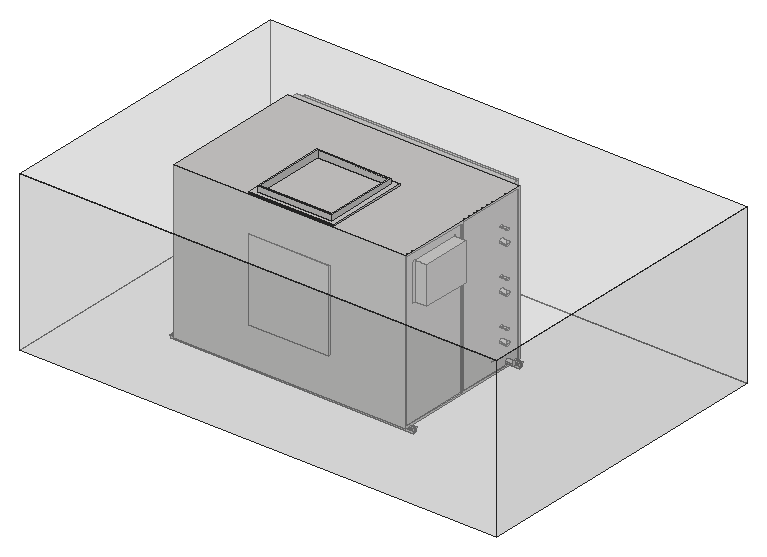
Revit family "outputfile", category 機械設備, Revit 2024
Family settings
  丸型コネクタ寸法 = 半径を使用
  パーツ タイプ = 標準
  OmniClass 番号 = 23.75.10.24.21.27.27
  OmniClass タイトル = Split System Air Conditioning Units
  作業面ベース = いいえ
  常に垂直 = はい
  ロード時にボイドで切り取り = いいえ
  注釈の向きを維持 = いいえ
  共有 = いいえ
  部屋計算ポイント = はい
Parameters (values of type "3FGN450HTL")
  Description = ""
  書き出し IFC クラス(タイプ) = "IfcUnitaryEquipmentType"
  定義済み IFC タイプ(タイプ) = "AIRCONDITIONINGUNIT"
  Cost = 0
  Type Comments = ""
  Keynote = ""
  Type Image = (empty or 0)
  Assembly Code = ""
  switch_frequency = yes
  lw_power = 1150 mm
  lw_frontpanel = 754 mm
  lw_box_front = lw_box + 18 mm  # 115 mm
  lw_box = 97 mm
  lw_RA = 1057 mm
  lh_liquidpipe_3 = 390 mm
  lh_liquidpipe_2 = 810 mm
  lh_height_SA = 698 mm
  lh_ld_mountinghole_height = 35 mm
  lh_height_RA = 1326 mm
  lh_hangerfixture = 35 mm
  lh_gaspipe_3 = 270 mm
  lh_gaspipe_2 = 690 mm
  lh_frontpanel_bottom = if(Width = 1766 mm, 444 mm, if(Width = 2022 mm, 479 mm, 402 mm))  # 402 mm
  lh_frontpanel = if(Width = 1766 mm, 542 mm, if(Width = 2022 mm, 542 mm, 758 mm))  # 758 mm
  lh_circlevoid = 135.5 mm
  lh_box_top = 95 mm
  lh_box = 351 mm
  lh_SA = 1546 mm
  lh_RA = 788 mm
  ld_void = 658 mm
  ld_frontpanel = 10 mm
  ld_depth_SA = 409 mm
  ld_depth_RA = 130 mm
  ld_circlevoid = 294.5 mm
  ld_box_left = 114 mm
  ld_box = 490 mm
  connector_voltage = Voltage_60Hz  # 220 V
  connector_powerinput = [Power Input (Cooling)]  # 47.570 kW
  connector_phase = Phase_60Hz  # 3
  製造元 = "Daikin"
  モデル = "3FGN450HTL"
  w_pipe = 33 mm
  r_Liquid Pipe Size = Liquid Pipe Size / 2  # 7.95 mm
  r_Gas Pipe Size = Gas Pipe Size / 2  # 17.45 mm
  r_Drain Pipe Size = Drain Pipe Size / 2  # 17.0 mm
  lw_powersupply = lw_power  # 1150 mm
  lw_width_RA = 2004 mm
  lw_width_SA = 694 mm
  lh_suctionflange [instance] = 100 mm
  ld_suctionflange [instance] = 190 mm
  ld_powersupply = 200 mm
  angle_vertical_RA [instance] = 90.00°
  angle horizontal_RA [instance] = 180.00°
  Voltage_comment_60Hz = "220"
  Voltage_60Hz = 220 V
  URL = ""
  Sound Power Level_H speed (dB) = 0
  Phase_60Hz = 3
  Minimum External Static Pressure = 0.00 Pa
  Minimum Circuit Amps_60Hz = 0.0 A
  Maximum Fuse Amps_60Hz = 0.0 A
  Maximum External Static Pressure = 250.00 Pa
  Material_Casing = DAIKIN_GalvanizedSteel_Casing_indoorunit
  lw_liquidpipe = 1137 mm
  lw_gaspipe = 1137 mm
  lw_mountinghole_pitch = 2234 mm
  lw_mountinghole = 2274 mm
  lw_drainpipe = 1137 mm
  lh_powersupply = 1040 mm
  lh_liquidpipe = 1230 mm
  lh_gaspipe = 1110 mm
  lh_mountinghole = 5 mm
  lh_drainpipe = 73 mm
  lh_antena = Height - 4 mm  # 1482 mm
  ld_liquidpipe = 470 mm
  ld_gaspipe = 470 mm
  ld_mountinghole_pitch = 1240 mm
  ld_drainpipe = 539 mm
  ld_controlbox = 626 mm
  h*** = 0 mm  # constant formula
  d_dischargeflange = 60 mm
  Width = 2174 mm
  Version = "ver.1.0"
  Unit Type = "Duct"
  Unit Mass Weight = 533.00 kg
  Unit Designation [instance] = ""
  Uniclass2015Version = "Products v1.30"
  Uniclass2015Title = "Split coil room air conditioning units"
  Uniclass2015Code = "Pr_70_65_03_86"
  Total Cooling Capacity [instance] = 0.000 kW
  Sound Pressure Level_M speed (dBA) = 0
  Sound Pressure Level_L speed (dBA) = 0
  Sound Pressure Level_H speed (dBA) = 68
  Series = "Package Aircon_Fan Coil Unit"
  Sensible Cooling Capacity [instance] = 0.000 kW
  SA Duct Size Width = 694 mm
  SA Duct Size Height = 698 mm
  Refrigerant Type = "R410A"
  RA Duct Size Width = 2004 mm
  RA Duct Size Height = 1326 mm
  Power Input (Cooling) = 47.570 kW
  Option Accessory 3 [instance] = ""
  Option Accessory 2 [instance] = ""
  Option Accessory 1 [instance] = ""
  Nominal Cooling Capacity = 131.887 kW
  Minimum Airflow = 0.00 m³/h
  Median Airflow = 0.00 m³/h
  Maximum Airflow = 22937.00 m³/h
  Load Classification = HVAC
  Liquid Pipe Size = 15.9 mm
  Link_Nested Family [instance] = ""
  IfcVersion = ""
  IfcExportType = "AIRCONDITIONINGUNIT"
  IfcExportAs = "IfcUnitaryEquipmentType"
  Height = 1486 mm
  Heat Exchanger Type = "Cross Fin Coil"
  Gas Pipe Size = 34.9 mm
  Frequency_60Hz = 60 Hz
  Fan Type = "Sirocco Fan"
  Fan Drive = "-"
  FCU Tag No. [instance] = ""
  Drain Pipe Size = 34.0 mm
  Design Supply Airflow [instance] = 0.00 m³/h
  Design Return Airflow [instance] = 0.00 m³/h
  Design External Static Pressure [instance] = 0.00 Pa
  Depth = 1336 mm
  既定の高さ = 0 mm
  Cooling Entering Wet Bulb Temperature [instance] = 0.00 °C
  Cooling Entering Dry Bulb Temperature [instance] = 0.00 °C
  Cooling Ambient Wet Bulb Temperature [instance] = 0.00 °C
  Cooling Ambient Dry Bulb Temperature [instance] = 0.00 °C
  Clearance visibility [instance] = yes
  Clearance Top = 0 mm
  Clearance Right = 1500 mm
  Clearance Rear = 800 mm
  Clearance Left = 800 mm
  Clearance Front = 800 mm
  Clearance Bottom = 0 mm
Reference planes
  plane 1 "Center (Front/Back)": y = 0
  plane 2: z = 0
  plane 3 "Center (Left/Right)": x = 0
  plane 4 "Back": y = 668
  plane 5 "Front": y = -668
  plane 6 "Left": x = -1087
  plane 7 "Right": x = 1087
  plane 8 "Top": z = 0
  plane 9 "Bottom": z = -1486
  plane 10: z = -256
  plane 11: z = -376
  plane 12: x = -1117
  plane 13: x = 1117
  plane 14: x = 1137
  plane 15: x = 1137
  plane 16: z = -1481
  plane 17 "Clearance Left": x = -1887
  plane 18 "Clearance Right": x = 2587
  plane 19 "Clearance Rear": y = 1468
  plane 20 "Clearance Front": y = -1468
  plane 21 "Clearance Bottom": z = -1486
  plane 22: z = -1413
  plane 23 "ld_gas": y = 470
  plane 24: y = 470
  plane 25: y = -30
  plane 26: y = 539
  plane 27: y = 478
  plane 28: x = 1137
  plane 29: y = 620
  plane 30: y = -620
  plane 31: y = -259
  plane 32: y = 798
  plane 33 "Clearance Top": z = 0
  plane 34: z = -446
  plane 35: y = -200
  plane 36 "hangerfixture": z = -1451
  plane 37 "lh_SA": z = 60
  plane 38 "lh_RA": z = -698
  plane 39 "RA_center": x = -30
  plane 40: y = -658
  plane 41: y = 0
  plane 42: y = 658
  plane 43: z = -10
  plane 44: z = -1441
  plane 45: y = 10
  plane 46: y = -658
  plane 47: y = 0
  plane 48: y = 658
  plane 49: z = -10
  plane 50: z = -1441
  plane 51: y = 10
  plane 52: x = 1069
  plane 53: x = 1184
  plane 54: y = -554
  plane 55: y = -534
  plane 56: y = -84
  plane 57: y = -64
  plane 58 "box_bottom": z = -446
  plane 59 "box_top": z = -95
  plane 60: x = -377
  plane 61: x = 377
  plane 62: y = -678
  plane 63: y = -658
  plane 64 "lw_power": x = 1150
  plane 65: z = -676
  plane 66: z = -796
  plane 67: z = -1096
  plane 68: z = -1216
  plane 69: x = 1067
  plane 70: x = -1067
  plane 71: z = -1084
  plane 72: z = -326
Forms (mm)
  Extrusion 1, solid, material "DAIKIN_GalvanizedSteel_Casing_indoorunit" <- "Material_Casing"
    sketch origin (0, -0.8, 0) x (1, 0, 0) y (0, 1, 0)
      loop
        line (-1087, -667.2) -> (1087, -667.2) -> (1087, 668.8) -> (-1087, 668.8) -> (-1087, -667.2)
    from -1451 to 0
  Revolve 2, solid, material "DAIKIN_GalvanizedSteel_Casing_indoorunit" <- "Material_Casing"
    sketch origin (0, 0, -376) x (0, -1, 0) y (1, 0, 0)
      loop
        line (-452.55, 1067) -> (-452.55, 1137) -> (-470, 1137) -> (-470, 1067) -> (-452.55, 1067)
      axis (-470, 1067) -> (-470, 1137)
    angle from 0 to 360
  Revolve 3, solid, material "DAIKIN_GalvanizedSteel_Casing_indoorunit" <- "Material_Casing"
    sketch origin (0, 0, -256) x (0, -1, 0) y (1, 0, 0)
      loop
        line (-470, 1067) -> (-470, 1137) -> (-477.95, 1137) -> (-477.95, 1067) -> (-470, 1067)
      axis (-470, 1137) -> (-470, 1067)
    angle from 0 to 360
  Extrusion 4, solid, material "DAIKIN_GalvanizedSteel_Casing_indoorunit" <- "Material_Casing"
    sketch origin (0, 0, 0) x (0, 1, 0) y (0, 0, 1)
      loop
        circle (539, -1413) r 17
    from 1137 to 1067
  Extrusion 5, void
    sketch origin (1087, 0, 0) x (0, 1, 0) y (0, 0, 1)
      loop
        line (-658, -10) -> (-658, -1441) -> (0, -1441) -> (0, -10) -> (-658, -10)
      loop
        line (658, -10) -> (10, -10) -> (10, -1441) -> (658, -1441) -> (658, -10)
    from 0 to -20
  Extrusion 6, void
    sketch origin (-1087, 0, 0) x (0, 1, 0) y (0, 0, 1)
      loop
        line (-658, -10) -> (-658, -1441) -> (0, -1441) -> (0, -10) -> (-658, -10)
      loop
        line (658, -10) -> (10, -10) -> (10, -1441) -> (658, -1441) -> (658, -10)
    from 0 to 20
  Extrusion 7, solid, material "DAIKIN_GalvanizedSteel_Casing_indoorunit" <- "Material_Casing"
    sketch origin (0, 0, 0) x (1, 0, 0) y (0, 1, 0)
      loop
        line (1067, -554) -> (1069, -554) -> (1069, -534) -> (1184, -534) -> (1184, -84) -> (1069, -84) -> (1069, -64) -> (1067, -64) -> (1067, -554)
    from -446 to -95
  Extrusion 8, solid, material "DAIKIN_GalvanizedSteel_Casing_indoorunit" <- "Material_Casing"
    sketch origin (0, 0, -1486) x (-1, 0, 0) y (0, -1, 0)
      loop
        line (377, 658) -> (377, 678) -> (-377, 678) -> (-377, 658) -> (377, 658)
    from 402 to 1160
  Revolve 9, solid, material "DAIKIN_GalvanizedSteel_Casing_indoorunit" <- "Material_Casing"
    sketch origin (0, 0, -796) x (0, -1, 0) y (1, 0, 0)
      loop
        line (-452.55, 1067) -> (-452.55, 1137) -> (-470, 1137) -> (-470, 1067) -> (-452.55, 1067)
      axis (-470, 1067) -> (-470, 1137)
    angle from 0 to 360
  Revolve 10, solid, material "DAIKIN_GalvanizedSteel_Casing_indoorunit" <- "Material_Casing"
    sketch origin (0, 0, -676) x (0, -1, 0) y (1, 0, 0)
      loop
        line (-470, 1067) -> (-470, 1137) -> (-477.95, 1137) -> (-477.95, 1067) -> (-470, 1067)
      axis (-470, 1137) -> (-470, 1067)
    angle from 0 to 360
  Extrusion 11, void
    sketch origin (1087, 0, 0) x (0, 1, 0) y (0, 0, 1)
      loop
        circle (373.5, -1350.5) r 13.5
    from -21 to 0
  Revolve 12, solid, material "DAIKIN_GalvanizedSteel_Casing_indoorunit" <- "Material_Casing"
    sketch origin (0, 0, -1216) x (0, -1, 0) y (1, 0, 0)
      loop
        line (-452.55, 1067) -> (-452.55, 1137) -> (-470, 1137) -> (-470, 1067) -> (-452.55, 1067)
      axis (-470, 1067) -> (-470, 1137)
    angle from 0 to 360
  Revolve 13, solid, material "DAIKIN_GalvanizedSteel_Casing_indoorunit" <- "Material_Casing"
    sketch origin (0, 0, -1096) x (0, -1, 0) y (1, 0, 0)
      loop
        line (-470, 1067) -> (-470, 1137) -> (-477.95, 1137) -> (-477.95, 1067) -> (-470, 1067)
      axis (-470, 1137) -> (-470, 1067)
    angle from 0 to 360
Cuts and joins
  Extrusion 5, Extrusion 6, Extrusion 11 cuts Extrusion 1
  Extrusion 6 cuts Revolve 2
  Extrusion 6 cuts Revolve 3
  Extrusion 6 cuts Extrusion 4
Dimensions and locks
  equal spacing: plane 12, plane 3 "Center (Left/Right)", plane 13
  "lw_mountinghole_pitch": plane 12 to plane 13
  "lh_liquidpipe": plane 10 to plane 9 "Bottom"
  "lh_gaspipe": plane 11 to plane 9 "Bottom"
  equal spacing: plane 6 "Left", plane 3 "Center (Left/Right)", plane 7 "Right"
  "Width": plane 6 "Left" to plane 7 "Right"
  "Clearance Right": plane 7 "Right" to plane 18 "Clearance Right"
  "Clearance Left": plane 17 "Clearance Left" to plane 6 "Left"
  "Clearance Rear": plane 19 "Clearance Rear" to plane 4 "Back"
  "Clearance Front": plane 5 "Front" to plane 20 "Clearance Front"
  "Depth": plane 4 "Back" to plane 5 "Front"
  equal spacing: plane 4 "Back", plane 1 "Center (Front/Back)", plane 5 "Front"
  "ld_suctionflange": plane 4 "Back" to plane 27
  "r_Liquid Pipe Size": nested 5 to Revolve 3 sketch curve
  equal spacing: plane 29, plane 1 "Center (Front/Back)", plane 30
  "ld_mountinghole_pitch": plane 29 to plane 30
  "lw_liquidpipe": plane 3 "Center (Left/Right)" to plane 14
  "lw_gaspipe": plane 3 "Center (Left/Right)" to plane 15
  "lw_drainpipe": plane 3 "Center (Left/Right)" to plane 28
  "lh_drainpipe": plane 22 to plane 9 "Bottom"
  "Clearance Top": plane 33 "Clearance Top" to plane 8 "Top"
  "Clearance Bottom": plane 9 "Bottom" to plane 21 "Clearance Bottom"
  "lh_powersupply": plane 34 to plane 9 "Bottom"
  plane 8 "Top" to level = 0 mm
  "lh_hangerfixture": plane 36 "hangerfixture" to plane 9 "Bottom"
  "lh_SA": plane 37 "lh_SA" to plane 9 "Bottom"
  "ld_depth_RA": plane 32 to plane 4 "Back"
  "lh_RA": plane 38 "lh_RA" to plane 9 "Bottom"
  "lw_RA": plane 6 "Left" to plane 39 "RA_center"
  locked: plane 36 "hangerfixture" to plane 44 at 10
  plane 5 "Front" to plane 40 = 10 mm
  locked: plane 8 "Top" to plane 43 at 10
  plane 42 to plane 4 "Back" = 10 mm
  "ld_void": plane 40 to plane 41
  "ld_void": plane 46 to plane 47
  plane 5 "Front" to plane 46 = 10 mm
  plane 48 to plane 4 "Back" = 10 mm
  locked: plane 8 "Top" to plane 49 at 10
  locked: plane 50 to plane 36 "hangerfixture" at 10
  "ld_box_left": plane 54 to plane 5 "Front"
  "ld_box": plane 57 to plane 54
  locked: plane 55 to plane 54 at 20
  locked: plane 57 to plane 56 at 20
  "lw_box": plane 7 "Right" to plane 53
  "lh_box_top": plane 8 "Top" to plane 59 "box_top"
  "lh_box": plane 59 "box_top" to plane 58 "box_bottom"
  equal spacing: plane 60, plane 3 "Center (Left/Right)", plane 61
  "lw_power": plane 3 "Center (Left/Right)" to plane 64 "lw_power"
  "lh_gaspipe_2": plane 66 to plane 9 "Bottom"
  "lh_liquidpipe_2": plane 65 to plane 9 "Bottom"
  "ld_powersupply": plane 35 to plane 1 "Center (Front/Back)"
  "ld_drainpipe": plane 26 to plane 1 "Center (Front/Back)"
  "ld_gaspipe": plane 23 "ld_gas" to plane 1 "Center (Front/Back)"
  "r_Gas Pipe Size": plane 23 "ld_gas" to Revolve 9 sketch curve
  "r_Gas Pipe Size": plane 23 "ld_gas" to Revolve 2 sketch curve
  "r_Liquid Pipe Size": Revolve 10 sketch curve to plane 24
  "ld_liquidpipe": plane 24 to plane 1 "Center (Front/Back)"
  "ld_depth_SA": plane 31 to plane 5 "Front"
  "lh_circlevoid": Extrusion 11 sketch curve to plane 9 "Bottom"
  "Height": plane 8 "Top" to plane 9 "Bottom"
  "lh_mountinghole": plane 16 to plane 9 "Bottom"
  "lh_gaspipe_3": plane 68 to plane 9 "Bottom"
  "lh_liquidpipe_3": plane 67 to plane 9 "Bottom"
  "ld_circlevoid": Extrusion 11 sketch curve to plane 4 "Back"
  "lw_box_front": plane 52 to plane 53
  locked: plane 69 to plane 7 "Right" at 20
  locked: plane 6 "Left" to plane 70 at 20
  "lh_frontpanel_bottom": plane 71 to plane 9 "Bottom"
  "lh_frontpanel": plane 72 to plane 71
  "r_Gas Pipe Size": plane 24 to Revolve 12 sketch curve
  "r_Liquid Pipe Size": Revolve 13 sketch curve to plane 24
  "lw_frontpanel": plane 60 to plane 61
  locked: plane 63 to plane 5 "Front" at 10
  "ld_frontpanel": plane 5 "Front" to plane 62
  locked: plane 41 to plane 45 at 10
  locked: plane 47 to plane 51 at 10
  "r_Drain Pipe Size": radius of Extrusion 4 sketch curve
  diameter of Extrusion 11 sketch curve = 27 mm
  aligned and locked: level to plane 2
  aligned and locked: plane 8 "Top" to Extrusion 1
  aligned and locked: Revolve 2 sketch curve to Revolve 2 sketch curve
  aligned and locked: plane 14 to nested 5
  aligned and locked: nested 5 to plane 10
  aligned and locked: nested 2 to plane 13
  aligned and locked: nested 3 to plane 12
  aligned and locked: plane 12 to nested 4
  aligned and locked: nested 6 to plane 11
  aligned and locked: plane 23 "ld_gas" to nested 6
  aligned and locked: plane 24 to nested 5
  aligned and locked: Extrusion 4 sketch curve to plane 26
  aligned and locked: nested 10 to plane 19 "Clearance Rear"
  aligned and locked: nested 10 to plane 18 "Clearance Right"
  aligned and locked: nested 10 to plane 17 "Clearance Left"
  aligned and locked: nested 10 to plane 20 "Clearance Front"
  aligned and locked: plane 28 to Extrusion 4
  aligned and locked: plane 15 to nested 6  (x2)
  aligned and locked: plane 13 to nested 1
  aligned and locked: plane 26 to nested 7
  aligned and locked: nested 7 to plane 22
  aligned and locked: nested 7 to plane 28
  aligned and locked: plane 29 to nested 1
  aligned and locked: plane 30 to nested 2
  aligned and locked: nested 4 to plane 29
  aligned and locked: nested 3 to plane 30
  aligned and locked: nested 9 to plane 4 "Back"
  aligned and locked: plane 32 to nested 13
  aligned and locked: plane 3 "Center (Left/Right)" to nested 12
  aligned and locked: nested 10 to plane 33 "Clearance Top"
  aligned and locked: nested 10 to plane 21 "Clearance Bottom"
  aligned and locked: nested 11 to plane 9 "Bottom"
  aligned and locked: plane 36 "hangerfixture" to Extrusion 1
  aligned and locked: Extrusion 1 to plane 5 "Front"
  aligned and locked: Extrusion 1 to plane 4 "Back"
  aligned and locked: plane 38 "lh_RA" to nested 9
  aligned and locked: nested 13 to plane 38 "lh_RA"
  aligned and locked: plane 39 "RA_center" to nested 9
  aligned and locked: nested 13 to plane 39 "RA_center"
  aligned and locked: Extrusion 5 sketch curve to plane 43
  aligned and locked: Extrusion 5 sketch curve to plane 40
  aligned and locked: plane 44 to Extrusion 5 sketch curve
  aligned and locked: Extrusion 5 sketch curve to plane 41
  aligned and locked: plane 43 to Extrusion 5 sketch curve
  aligned and locked: Extrusion 5 sketch curve to plane 42
  aligned and locked: Extrusion 5 sketch curve to plane 44
  aligned and locked: Extrusion 5 sketch curve to plane 45
  aligned and locked: Extrusion 6 sketch curve to plane 49
  aligned and locked: Extrusion 6 sketch curve to plane 46
  aligned and locked: plane 50 to Extrusion 6 sketch curve
  aligned and locked: Extrusion 6 sketch curve to plane 47
  aligned and locked: plane 49 to Extrusion 6 sketch curve
  aligned and locked: Extrusion 6 sketch curve to plane 48
  aligned and locked: Extrusion 6 sketch curve to plane 50
  aligned and locked: Extrusion 6 sketch curve to plane 51
  aligned and locked: cut or joined group of Extrusion 1, Extrusion 5, Extrusion 6, Extrusion 11 to Extrusion 7 sketch curve
  aligned and locked: plane 57 to Extrusion 7 sketch curve
  aligned and locked: plane 53 to Extrusion 7 sketch curve
  aligned and locked: Extrusion 7 sketch curve to plane 54
  aligned and locked: plane 59 "box_top" to Extrusion 7
  aligned and locked: Extrusion 7 to plane 58 "box_bottom"
  aligned and locked: Extrusion 8 sketch curve to plane 63
  aligned and locked: Extrusion 8 sketch curve to plane 60
  aligned and locked: plane 62 to Extrusion 8 sketch curve
  aligned and locked: plane 61 to Extrusion 8 sketch curve
  aligned and locked: Revolve 9 sketch curve to Revolve 9 sketch curve
  aligned and locked: nested 15 to plane 65
  aligned and locked: nested 16 to plane 66
  aligned and locked: plane 14 to Revolve 10
  aligned and locked: nested 15 to plane 14
  aligned and locked: plane 15 to cut or joined group of Revolve 2, Extrusion 6  (x3)
  aligned and locked: cut or joined group of Revolve 2, Extrusion 6 to plane 15
  aligned and locked: nested 14 to plane 35
  aligned and locked: Revolve 2 sketch curve to plane 23 "ld_gas"
  aligned and locked: plane 23 "ld_gas" to nested 16
  aligned and locked: plane 24 to nested 15
  aligned and locked: plane 37 "lh_SA" to nested 12
  aligned and locked: plane 37 "lh_SA" to nested 8
  aligned and locked: plane 31 to nested 12
  aligned and locked: plane 31 to nested 8
  aligned and locked: cut or joined group of Extrusion 1, Extrusion 5, Extrusion 6, Extrusion 11 to cut or joined group of Extrusion 4, Extrusion 6
  aligned and locked: cut or joined group of Extrusion 1, Extrusion 5, Extrusion 6, Extrusion 11 to Revolve 10
  aligned and locked: Revolve 9 to cut or joined group of Extrusion 1, Extrusion 5, Extrusion 6, Extrusion 11
  aligned and locked: cut or joined group of Extrusion 1, Extrusion 5, Extrusion 6, Extrusion 11 to cut or joined group of Revolve 3, Extrusion 6
  aligned and locked: cut or joined group of Revolve 2, Extrusion 6 to cut or joined group of Extrusion 1, Extrusion 5, Extrusion 6, Extrusion 11
  aligned and locked: plane 52 to Extrusion 7 sketch curve
  aligned and locked: Extrusion 7 sketch curve to plane 55
  aligned and locked: Extrusion 7 sketch curve to plane 56
  aligned and locked: Extrusion 7 sketch curve to plane 52
  aligned and locked: nested 14 to plane 64 "lw_power"
  aligned and locked: nested 14 to plane 34
  aligned and locked: Revolve 12 sketch curve to Revolve 12 sketch curve
  aligned and locked: nested 17 to plane 67
  aligned and locked: nested 18 to plane 68
  aligned and locked: cut or joined group of Extrusion 1, Extrusion 5, Extrusion 6, Extrusion 11 to plane 70
  aligned and locked: Extrusion 5 to plane 69
  aligned and locked: plane 24 to nested 17
  aligned and locked: plane 23 "ld_gas" to nested 18
  aligned and locked: Extrusion 8 to plane 71
  aligned and locked: plane 72 to Extrusion 8
Automatic sketch dimensions
  Extrusion 1 sketch curve to plane 4 "Back" = 0 mm
  Extrusion 1 sketch curve to plane 6 "Left" = 0 mm
  Extrusion 1 sketch curve to plane 5 "Front" = 0 mm
  Extrusion 1 sketch curve to plane 7 "Right" = 0 mm
  Revolve 3 sketch curve to plane 23 "ld_gas" = 0 mm  (x2)
  Revolve 3 sketch curve to plane 14 = 0 mm  (x2)
  Revolve 3 sketch curve to plane 7 "Right" = 20 mm
  plane 7 "Right" to Revolve 3 sketch curve = 15 mm
  Extrusion 4 sketch curve to plane 22 = 0 mm
  Revolve 10 sketch curve to plane 23 "ld_gas" = 0 mm  (x2)
  Revolve 10 sketch curve to plane 14 = 0 mm  (x2)
  Revolve 10 sketch curve to plane 7 "Right" = 20 mm
  plane 7 "Right" to Revolve 10 sketch curve = 15 mm
  Revolve 13 sketch curve to plane 14 = 0 mm  (x2)
  Revolve 13 sketch curve to plane 23 "ld_gas" = 0 mm  (x2)
  Revolve 13 sketch curve to plane 7 "Right" = 20 mm
  plane 7 "Right" to Revolve 13 sketch curve = 15 mm
  Revolve 2 sketch curve to plane 69 = 0 mm
  Revolve 2 sketch curve to plane 14 = 0 mm
  plane 7 "Right" to Revolve 2 sketch curve = 2.003 mm
  plane 14 to Revolve 2 sketch curve = 1.003 mm
  Revolve 9 sketch curve to plane 23 "ld_gas" = 0 mm
  Revolve 9 sketch curve to plane 69 = 0 mm
  Revolve 9 sketch curve to plane 14 = 0 mm
  plane 7 "Right" to Revolve 9 sketch curve = 2.003 mm
  plane 14 to Revolve 9 sketch curve = 1.003 mm
  Revolve 12 sketch curve to plane 23 "ld_gas" = 0 mm
  Revolve 12 sketch curve to plane 69 = 0 mm
  Revolve 12 sketch curve to plane 14 = 0 mm
  plane 7 "Right" to Revolve 12 sketch curve = 2.003 mm
  plane 14 to Revolve 12 sketch curve = 1.003 mm
Nested families
  nested 1: "daikin_mountinghole" at (1117, 620, -1486), Link_Nested Family <- "Link_Nested Family", h_mountinghole <- "lh_mountinghole", l_antenna <- "lh_antena", type "daikin_mountinghole"
    with show yes, l_antenna 1482 mm, h_mountinghole 5 mm, Link_Nested Family "", d_circle 23 mm
  nested 2: "daikin_mountinghole" at (1117, -620, -1486), Link_Nested Family <- "Link_Nested Family", h_mountinghole <- "lh_mountinghole", l_antenna <- "lh_antena", type "daikin_mountinghole"
    with show yes, l_antenna 1482 mm, h_mountinghole 5 mm, Link_Nested Family "", d_circle 23 mm
  nested 3: "daikin_mountinghole" at (-1117, -620, -1486), Link_Nested Family <- "Link_Nested Family", h_mountinghole <- "lh_mountinghole", l_antenna <- "lh_antena", type "daikin_mountinghole"
    with show yes, l_antenna 1482 mm, h_mountinghole 5 mm, Link_Nested Family "", d_circle 23 mm
  nested 4: "daikin_mountinghole" at (-1117, 620, -1486), Link_Nested Family <- "Link_Nested Family", h_mountinghole <- "lh_mountinghole", l_antenna <- "lh_antena", type "daikin_mountinghole"
    with show yes, l_antenna 1482 mm, h_mountinghole 5 mm, Link_Nested Family "", d_circle 23 mm
  nested 5: "daikin_connector_rotate2" at (0, 470, -256) x (0, 1, 0) z (0, 0, 1), length <- "lw_liquidpipe", built-in parameter 1001364 <- "lh_liquidpipe", radius <- "r_Liquid Pipe Size", type "daikin_connector_rotate2"
    with radius 7.95 mm, length 1137 mm, angle_vertical 90.00°
  nested 6: "daikin_connector_rotate2" at (0, 470, -376) x (0, 1, 0) z (0, 0, 1), length <- "lw_gaspipe", built-in parameter 1001364 <- "lh_gaspipe", radius <- "r_Gas Pipe Size", type "daikin_connector_rotate2"
    with radius 17.45 mm, length 1137 mm, angle_vertical 90.00°
  nested 7: "daikin_connector_rotate2" at (0, 539, -1413) x (0, 1, 0) z (0, 0, 1), built-in parameter 1001364 <- "lh_drainpipe", length <- "lw_drainpipe", radius <- "r_Drain Pipe Size", type "daikin_connector_rotate2"
    with radius 17 mm, length 1137 mm, angle_vertical 90.00°
  nested 8: "daikin_connector_rotate2" at (0, -259, 0) x (1, 0, 0) z (0, 1, 0), length <- "d_dischargeflange", type "daikin_connector_rotate2"
    with radius 10 mm, length 60 mm, angle_vertical 90.00°
  nested 9: "daikin_ductflange_3FGN-HTL" at (-30, 668, -698), material <- "Material_Casing", width <- "lw_width_RA", height <- "lh_height_RA", depth <- "ld_depth_RA", type "daikin_ductflange_3FGN-HTL"
    with x 35 mm, width 2004 mm, material DAIKIN_GalvanizedSteel_Casing_indoorunit, height 1326 mm, depth 130 mm
  nested 10: "daikin_clearancespace" at (350, 0, -742.881), visible <- "Clearance visibility", show <- "Clearance visibility", Link_Nested Family <- "Link_Nested Family", type "daikin_clearancespace"
    with width 4474 mm, show yes, height 1486 mm, depth 2936 mm, Link_Nested Family ""
  nested 11: "daikin_hangerfixture_3FGN-HTL" at (0, 0, -1486), type "daikin_hangerfixture_3FGN-HTL"
    with width 2234 mm, depth 1240 mm, G 2274 mm
  nested 12: "daikin_ductflange_3FGN-HTL_1" at (0, -448.401, 0) x (1, 0, 0) z (0, 1, 0), width <- "lw_width_SA", material <- "Material_Casing", height <- "lh_height_SA", depth <- "d_dischargeflange", type "daikin_ductflange_3FGN-HTL_1"
    with width 694 mm, t 10 mm, material DAIKIN_GalvanizedSteel_Casing_indoorunit, height 698 mm, depth 60 mm
  nested 13: "daikin_connector_rotate2" at (-30, 668, -698) x (-1, 0, 0) z (0, 0, 1), length <- "ld_depth_RA", type "daikin_connector_rotate2"
    with radius 10 mm, length 130 mm, angle_vertical 90.00°
  nested 14: "daikin_connector_rotate2" at (1150, -200, -95) x (0, 1, 0) z (1, 0, 0), length <- "lh_box", type "daikin_connector_rotate2"
    with radius 10 mm, length 351 mm, angle_vertical 90.00°
  nested 15: "daikin_connector_rotate2" at (0, 470, -676) x (0, 1, 0) z (0, 0, 1), length <- "lw_liquidpipe", built-in parameter 1001364 <- "lh_liquidpipe", radius <- "r_Liquid Pipe Size", type "daikin_connector_rotate2"
    with radius 7.95 mm, length 1137 mm, angle_vertical 90.00°
  nested 16: "daikin_connector_rotate2" at (0, 470, -796) x (0, 1, 0) z (0, 0, 1), length <- "lw_gaspipe", built-in parameter 1001364 <- "lh_gaspipe", radius <- "r_Gas Pipe Size", type "daikin_connector_rotate2"
    with radius 17.45 mm, length 1137 mm, angle_vertical 90.00°
  nested 17: "daikin_connector_rotate2" at (0, 470, -1096) x (0, 1, 0) z (0, 0, 1), length <- "lw_liquidpipe", built-in parameter 1001364 <- "lh_liquidpipe", radius <- "r_Liquid Pipe Size", type "daikin_connector_rotate2"
    with radius 7.95 mm, length 1137 mm, angle_vertical 90.00°
  nested 18: "daikin_connector_rotate2" at (0, 470, -1216) x (0, 1, 0) z (0, 0, 1), length <- "lw_gaspipe", built-in parameter 1001364 <- "lh_gaspipe", radius <- "r_Gas Pipe Size", type "daikin_connector_rotate2"
    with radius 17.45 mm, length 1137 mm, angle_vertical 90.00°
Connectors
  piping at (1137, 470, -376), diameter 34.9, driven by "r_Gas Pipe Size"
    settings: on nested 6, index 1, connector inside diameter 609.6 mm, connector length 0 mm, flow factor 0, pipe flow 0.00 m³/h, pressure drop 0.0 Pa, fitting loss kfactor 0, connector angle 0.00°, fixture units 0, engagement length 0 mm, angle of deflection 0.00°, flow configuration 1, flow direction 2, fitting loss method 0, system type 29, joint type 0, gender type 0, connector reference index -1, connector utility 0, adjustable connector no, is connector primary yes, connector description "Refrigerant Gas Piping"
  piping at (1137, 470, -256), diameter 15.9, driven by "r_Liquid Pipe Size"
    settings: on nested 5, index 2, connector inside diameter 609.6 mm, connector length 0 mm, flow factor 0, pipe flow 0.00 m³/h, pressure drop 0.0 Pa, fitting loss kfactor 0, connector angle 0.00°, fixture units 0, engagement length 0 mm, angle of deflection 0.00°, flow configuration 1, flow direction 1, fitting loss method 0, system type 29, joint type 0, gender type 0, connector reference index -1, connector utility 0, adjustable connector no, is connector primary no, connector description "Refrigerant Liquid Piping"
  piping at (1137, 539, -1413), diameter 34, driven by "r_Drain Pipe Size"
    settings: on nested 7, index 3, connector inside diameter 609.6 mm, connector length 0 mm, flow factor 0, pipe flow 0.00 m³/h, pressure drop 0.0 Pa, fitting loss kfactor 0, connector angle 0.00°, fixture units 0, engagement length 0 mm, angle of deflection 0.00°, flow configuration 1, flow direction 2, fitting loss method 4, system type 16, joint type 0, gender type 0, connector reference index -1, connector utility 0, adjustable connector no, is connector primary no, connector description "Condensate Drain Piping"
  hvac at (0, -259, 60), driven by "SA Duct Size Height", driven by "SA Duct Size Width"
    settings: on nested 8, index 7, duct flow 0.00 m³/h, flow factor 0, pres drop 0.00 Pa, loss coef 0, conn angle 0.00°, conn width 694.0 mm, conn height 698.0 mm, conn diameter 609.6 mm, duct sys type 1, conn prof type 1, flow config 0, flow direction 2, loss method 4, conn ref index -1, conn util no, is conn primary yes, conn desc "SA Duct"
  hvac at (-30, 798, -698), driven by "RA Duct Size Width", driven by "RA Duct Size Height"
    settings: on nested 13, index 8, duct flow 0.00 m³/h, flow factor 0, pres drop 0.00 Pa, loss coef 0, conn angle 0.00°, conn width 2004.0 mm, conn height 1326.0 mm, conn diameter 609.6 mm, duct sys type 2, conn prof type 1, flow config 0, flow direction 1, loss method 4, conn ref index -1, conn util no, is conn primary no, conn desc "RA Duct"
  electrical at (1150, -200, -446), driven by "Load Classification", driven by "connector_phase", driven by "connector_powerinput", driven by "connector_voltage"
    settings: on nested 14, index 9, voltage 220 V, apparent load 47570 VA, apparent load phase1 0 VA, apparent load phase2 0 VA, apparent load phase3 0 VA, power factor 1, load classification "HVAC", number of poles 3, system type 30, power factor state 1, is connector primary yes, connector utility no, sub classification motor no, connector description "Power Supply"
  piping at (1137, 470, -796), diameter 34.9, driven by "r_Gas Pipe Size"
    settings: on nested 16, index 10, connector inside diameter 609.6 mm, connector length 0 mm, flow factor 0, pipe flow 0.00 m³/h, pressure drop 0.0 Pa, fitting loss kfactor 0, connector angle 0.00°, fixture units 0, engagement length 0 mm, angle of deflection 0.00°, flow configuration 1, flow direction 2, fitting loss method 0, system type 29, joint type 0, gender type 0, connector reference index -1, connector utility 0, adjustable connector no, is connector primary no, connector description "Refrigerant Gas Piping"
  piping at (1137, 470, -676), diameter 15.9, driven by "r_Liquid Pipe Size"
    settings: on nested 15, index 11, connector inside diameter 609.6 mm, connector length 0 mm, flow factor 0, pipe flow 0.00 m³/h, pressure drop 0.0 Pa, fitting loss kfactor 0, connector angle 0.00°, fixture units 0, engagement length 0 mm, angle of deflection 0.00°, flow configuration 1, flow direction 1, fitting loss method 0, system type 29, joint type 0, gender type 0, connector reference index -1, connector utility 0, adjustable connector no, is connector primary no, connector description "Refrigerant Liquid Piping"
  piping at (1137, 470, -1216), diameter 34.9, driven by "r_Gas Pipe Size"
    settings: on nested 18, index 12, connector inside diameter 609.6 mm, connector length 0 mm, flow factor 0, pipe flow 0.00 m³/h, pressure drop 0.0 Pa, fitting loss kfactor 0, connector angle 0.00°, fixture units 0, engagement length 0 mm, angle of deflection 0.00°, flow configuration 1, flow direction 2, fitting loss method 0, system type 29, joint type 0, gender type 0, connector reference index -1, connector utility 0, adjustable connector no, is connector primary no, connector description "Refrigerant Gas Piping"
  piping at (1137, 470, -1096), diameter 15.9, driven by "r_Liquid Pipe Size"
    settings: on nested 17, index 13, connector inside diameter 609.6 mm, connector length 0 mm, flow factor 0, pipe flow 0.00 m³/h, pressure drop 0.0 Pa, fitting loss kfactor 0, connector angle 0.00°, fixture units 0, engagement length 0 mm, angle of deflection 0.00°, flow configuration 1, flow direction 1, fitting loss method 0, system type 29, joint type 0, gender type 0, connector reference index -1, connector utility 0, adjustable connector no, is connector primary no, connector description "Refrigerant Liquid Piping"
Definition of nested family "daikin_ductflange_3FGN-HTL"
  Parameters (values of type "daikin_ductflange_2FGN-HTL")
    x [instance] = if(width = 1636 mm, 15 mm, 35 mm)  # 15 mm
    width [instance] = 1636 mm
    material [instance] = none
    height [instance] = 747 mm
    depth [instance] = 130 mm
    Default Elevation = 0 mm
  Reference planes
    plane 1 "Center (Front/Back)": y = 0
    plane 2: z = 0
    plane 3 "Center (Left/Right)": x = 0
    plane 4: x = -818
    plane 5: x = 818
    plane 6: z = 373.5
    plane 7: z = -373.5
    plane 8: y = 80
    plane 9: y = 130
    plane 10: x = -813
    plane 11: x = 813
    plane 12: z = -368.5
    plane 13: z = 368.5
    plane 14: x = -833
    plane 15: x = 833
    plane 16: z = 393.5
    plane 17: z = -380
  Forms (mm)
    Extrusion 1, solid, material <- "material"
      sketch origin (0, 0, 0) x (1, 0, 0) y (0, 0, 1)
        loop
          line (-833, 393.5) -> (-833, -380) -> (833, -380) -> (833, 393.5) -> (-833, 393.5)
        loop
          line (-813, 368.5) -> (-813, -368.5) -> (813, -368.5) -> (813, 368.5) -> (-813, 368.5)
      from 0 to -80
    Extrusion 2, solid, material <- "material"
      sketch origin (0, 0, 0) x (1, 0, 0) y (0, 0, 1)
        loop
          line (-818, 373.5) -> (-818, -373.5) -> (818, -373.5) -> (818, 373.5) -> (-818, 373.5)
        loop
          line (813, 368.5) -> (-813, 368.5) -> (-813, -368.5) -> (813, -368.5) -> (813, 368.5)
      from -130 to -80
  Cuts and joins
    joined: Extrusion 1, Extrusion 2
  Dimensions and locks
    equal spacing: plane 5, plane 3 "Center (Left/Right)", plane 4
    "width": plane 5 to plane 4
    equal spacing: plane 6, level, plane 7
    "height": plane 6 to plane 7
    locked: plane 1 "Center (Front/Back)" to plane 8 at 80
    "depth": plane 1 "Center (Front/Back)" to plane 9
    plane 6 to plane 13 = 5 mm
    plane 12 to plane 7 = 5 mm
    plane 5 to plane 11 = 5 mm
    plane 10 to plane 4 = 5 mm
    "x": plane 4 to plane 14
    "x": plane 15 to plane 5
    locked: plane 16 to plane 6 at 20
    locked: plane 7 to plane 17 at 6.5
    aligned and locked: level to plane 2
    aligned and locked: Extrusion 1 to plane 8
    aligned and locked: plane 1 "Center (Front/Back)" to Extrusion 1
    aligned and locked: Extrusion 2 to plane 9
    aligned and locked: Extrusion 2 to Extrusion 1
    aligned and locked: plane 13 to Extrusion 2 sketch curve
    aligned and locked: plane 11 to Extrusion 2 sketch curve
    aligned and locked: Extrusion 2 sketch curve to plane 12
    aligned and locked: Extrusion 2 sketch curve to plane 10
    aligned and locked: Extrusion 1 sketch curve to plane 16
    aligned and locked: plane 14 to Extrusion 1 sketch curve
    aligned and locked: plane 17 to Extrusion 1 sketch curve
    aligned and locked: Extrusion 1 sketch curve to plane 15
  Automatic sketch dimensions
    Extrusion 2 sketch curve to plane 4 = 0 mm
    Extrusion 2 sketch curve to plane 5 = 0 mm
    Extrusion 2 sketch curve to plane 7 = 0 mm
    Extrusion 2 sketch curve to plane 6 = 0 mm
    plane 4 to Extrusion 1 sketch curve = 5 mm
    Extrusion 1 sketch curve to plane 5 = 5 mm
    plane 7 to Extrusion 1 sketch curve = 5 mm
    Extrusion 1 sketch curve to plane 6 = 5 mm
Definition of nested family "daikin_clearancespace"
  Parameters (values of type "daikin_clearancespace")
    Description = "daikin_clearancespace"
    width [instance] = 1823.963 mm
    show [instance] = yes
    material = none
    height [instance] = 1359.762 mm
    depth [instance] = 880 mm
    Default Elevation = 0 mm
    Link_Nested Family [instance] = ""
  Reference planes
    plane 1 "Center (Front/Back)": y = 0
    plane 2 "Center (Elevation)": z = -0.119
    plane 3 "Center (Left/Right)": x = 0
    plane 4: y = 440
    plane 5: y = -440
    plane 6 "Right": x = 911.982
    plane 7 "Left": x = -911.982
    plane 8 "Top": z = 679.762
    plane 9 "Bottom": z = -680
  Forms (mm)
    Extrusion 1, solid, material <- "material", visible <- "show"
      sketch origin (0, 0, 0) x (1, 0, 0) y (0, 1, 0)
        loop
          line (-911.982, 440) -> (-911.982, -440) -> (911.982, -440) -> (911.982, 440) -> (-911.982, 440)
      from -680 to 679.762
  Lines and regions (mm)
    symbolic lines, visible <- "show"
      curve 1: line (911.982, 440, 0) -> (-911.982, 440, 0)
      curve 2: line (-911.982, 440, 0) -> (-911.982, -440, 0)
      curve 3: line (-911.982, -440, 0) -> (911.982, -440, 0)
      curve 4: line (911.982, -440, 0) -> (911.982, 440, 0)
      curve 5: line (911.982, 0, 679.762) -> (-911.982, 0, 679.762)
      curve 6: line (911.982, 0, -680) -> (911.982, 0, 679.762)
      curve 7: line (-911.982, 0, -680) -> (911.982, 0, -680)
      curve 8: line (-911.982, 0, 679.762) -> (-911.982, 0, -680)
      curve 9: line (0, 440, 679.762) -> (0, -440, 679.762)
      curve 10: line (0, -440, 679.762) -> (0, -440, -680)
      curve 11: line (0, 440, -680) -> (0, 440, 679.762)
      curve 12: line (0, -440, -680) -> (0, 440, -680)
  Dimensions and locks
    "width": plane 7 "Left" to plane 6 "Right"
    "depth": plane 4 to plane 5
    "height": plane 8 "Top" to plane 9 "Bottom"
    equal spacing: plane 7 "Left", plane 3 "Center (Left/Right)", plane 6 "Right"
    equal spacing: plane 4, plane 1 "Center (Front/Back)", plane 5
    equal spacing: plane 8 "Top", plane 2 "Center (Elevation)", plane 9 "Bottom"
    aligned and locked: level to plane 2 "Center (Elevation)"
    aligned and locked: Extrusion 1 sketch curve to plane 4
    aligned and locked: plane 7 "Left" to Extrusion 1 sketch curve
    aligned and locked: Extrusion 1 sketch curve to plane 5
    aligned and locked: Extrusion 1 sketch curve to plane 6 "Right"
    aligned and locked: plane 8 "Top" to Extrusion 1
    aligned and locked: curve 1 to Extrusion 1
    aligned and locked: curve 2 to Extrusion 1
    aligned and locked: curve 3 to Extrusion 1
    aligned and locked: curve 4 to Extrusion 1
    aligned and locked: curve 5 to Extrusion 1
    aligned and locked: curve 6 to Extrusion 1
    aligned and locked: curve 7 to Extrusion 1
    aligned and locked: curve 8 to Extrusion 1
    aligned and locked: curve 9 to Extrusion 1
    aligned and locked: curve 10 to Extrusion 1
    aligned and locked: curve 11 to Extrusion 1
    aligned and locked: curve 12 to Extrusion 1
    aligned and locked: Extrusion 1 to plane 9 "Bottom"
Definition of nested family "daikin_hangerfixture_3FGN-HTL"
  Parameters (values of type "daikin_hangerfixture_2FGN-HTL")
    width = 1826 mm
    material = none
    height = 35 mm
    e = 40 mm
    depth = 974 mm
    Default Elevation = 0 mm
    G = 1866 mm
    E = 50 mm
  Reference planes
    plane 1 "Center (Front/Back)": y = 0
    plane 2: z = 0
    plane 3 "Center (Left/Right)": x = 0
    plane 4: x = 913
    plane 5: x = -913
    plane 6: z = 35
    plane 7: y = 487
    plane 8: y = -487
    plane 9: x = -933
    plane 10: x = 933
    plane 11: y = 527
    plane 12: y = -527
  Forms (mm)
    Extrusion 1, solid
      sketch origin (0, 0, 0) x (0, 1, 0) y (0, 0, 1)
        loop
          line (-499.93, 0) -> (-474.07, 0) -> (-474.07, 30) -> (-463.449, 30) -> (-463.449, 35) -> (-479.07, 35) -> (-479.07, 5) -> (-494.93, 5) -> (-494.93, 35) -> (-512.86, 35) -> (-512.86, 30) -> (-499.93, 30) -> (-499.93, 0)
        loop
          line (499.93, 0) -> (499.93, 30) -> (512.86, 30) -> (512.86, 35) -> (494.93, 35) -> (494.93, 5) -> (479.07, 5) -> (479.07, 35) -> (463.449, 35) -> (463.449, 30) -> (474.07, 30) -> (474.07, 0) -> (499.93, 0)
      from -933 to 933
    Extrusion 2, void
      sketch origin (0, 0, 0) x (1, 0, 0) y (0, 1, 0)
        loop
          circle (-913, 487) r 7.5
        loop
          circle (-913, -487) r 7.5
        loop
          circle (913, -487) r 7.5
        loop
          circle (913, 487) r 7.5
      from 0 to 9
  Cuts and joins
    Extrusion 2 cuts Extrusion 1
  Dimensions and locks
    "width": plane 5 to plane 4
    equal spacing: plane 5, plane 3 "Center (Left/Right)", plane 4
    "depth": plane 8 to plane 7
    equal spacing: plane 8, plane 1 "Center (Front/Back)", plane 7
    "height": plane 6 to level
    "e": plane 7 to plane 11
    "e": plane 12 to plane 8
    equal spacing: plane 9, plane 3 "Center (Left/Right)", plane 10
    "G": plane 9 to plane 10
    Extrusion 1 sketch curve to Extrusion 1 sketch curve to Extrusion 1 sketch curve to plane 8 to Extrusion 1 sketch curve to Extrusion 1 sketch curve to Extrusion 1 sketch curve = 12.93 mm locked, 5 mm locked, 7.93 mm locked, 7.93 mm locked, 5 mm locked, 10.621 mm locked
    Extrusion 1 sketch curve to Extrusion 1 sketch curve to Extrusion 1 sketch curve to plane 7 to Extrusion 1 sketch curve to Extrusion 1 sketch curve to Extrusion 1 sketch curve = 10.621 mm locked, 5 mm locked, 7.93 mm locked, 7.93 mm locked, 5 mm locked, 12.93 mm locked
    aligned and locked: level to plane 2
    aligned and locked: Extrusion 1 to plane 9
    aligned and locked: plane 10 to Extrusion 1
    aligned and locked: plane 7 to Extrusion 2 sketch curve  (x2)
    aligned and locked: plane 5 to Extrusion 2 sketch curve  (x2)
    aligned and locked: plane 8 to Extrusion 2 sketch curve  (x2)
    aligned and locked: plane 4 to Extrusion 2 sketch curve  (x2)
  Automatic sketch dimensions
    Extrusion 1 sketch curve to plane 6 = 0 mm  (x4)
    Extrusion 1 sketch curve to level = 0 mm  (x2)
    Extrusion 1 sketch curve to plane 6 = 5 mm  (x3)
    level to Extrusion 1 sketch curve = 5 mm  (x2)
    Extrusion 1 sketch curve to Extrusion 1 sketch curve = 5 mm
    radius of Extrusion 2 sketch curve = 7.5 mm  (x4)
Definition of nested family "daikin_ductflange_3FGN-HTL_1"
  Parameters (values of type "daikin_ductflange_2FDN200HTL_1")
    width [instance] = 474 mm
    t [instance] = 10 mm
    material [instance] = none
    height [instance] = 408 mm
    depth [instance] = 60 mm
    Default Elevation = 0 mm
  Reference planes
    plane 1 "Center (Front/Back)": y = 0
    plane 2: z = 189.401
    plane 3 "Center (Left/Right)": x = 0
    plane 4: y = 0
    plane 5: y = -60
    plane 6: y = -10
    plane 7: z = 393.401
    plane 8: z = -14.599
    plane 9: x = -227
    plane 10: x = 227
    plane 11: x = -237
    plane 12: x = 237
    plane 13: z = 383.401
    plane 14: z = -4.599
    plane 15: x = -287
    plane 16: z = 433.401
    plane 17: z = -54.599
    plane 18: x = 287
  Forms (mm)
    Extrusion 1, solid, material <- "material"
      sketch origin (0, 0, 0) x (1, 0, 0) y (0, 0, 1)
        loop
          line (-237, 393.401) -> (-237, -14.599) -> (237, -14.599) -> (237, 393.401) -> (-237, 393.401)
        loop
          line (-227, 383.401) -> (-227, -4.599) -> (227, -4.599) -> (227, 383.401) -> (-227, 383.401)
      from 10 to 60
    Extrusion 2, solid, material <- "material"
      sketch origin (0, 0, 0) x (1, 0, 0) y (0, 0, 1)
        loop
          line (-287, 433.401) -> (-287, -54.599) -> (287, -54.599) -> (287, 433.401) -> (-287, 433.401)
        loop
          line (-227, 383.401) -> (-227, -4.599) -> (227, -4.599) -> (227, 383.401) -> (-227, 383.401)
      from 0 to 10
  Cuts and joins
    joined: Extrusion 1, Extrusion 2
  Dimensions and locks
    plane 4 to plane 1 "Center (Front/Back)" = 0 mm
    "depth": plane 5 to plane 4
    plane 6 to plane 4 = 10 mm
    equal spacing: plane 7, level, plane 8
    "height": plane 7 to plane 8
    equal spacing: plane 10, plane 3 "Center (Left/Right)", plane 9
    "t": plane 9 to plane 11
    "t": plane 12 to plane 10
    "t": plane 7 to plane 13
    "t": plane 14 to plane 8
    plane 11 to plane 15 = 50 mm
    plane 18 to plane 12 = 50 mm
    plane 16 to plane 7 = 40 mm
    plane 8 to plane 17 = 40 mm
    "width": plane 12 to plane 11
    aligned and locked: level to plane 2
    aligned and locked: Extrusion 1 sketch curve to plane 7
    aligned and locked: plane 11 to Extrusion 1 sketch curve
    aligned and locked: plane 8 to Extrusion 1 sketch curve
    aligned and locked: Extrusion 1 sketch curve to plane 12
    aligned and locked: Extrusion 1 sketch curve to plane 13
    aligned and locked: plane 9 to Extrusion 1 sketch curve
    aligned and locked: plane 14 to Extrusion 1 sketch curve
    aligned and locked: Extrusion 1 sketch curve to plane 10
    aligned and locked: plane 6 to Extrusion 1
    aligned and locked: Extrusion 1 to plane 5
    aligned and locked: Extrusion 2 sketch curve to plane 16
    aligned and locked: plane 15 to Extrusion 2 sketch curve
    aligned and locked: plane 17 to Extrusion 2 sketch curve
    aligned and locked: Extrusion 2 sketch curve to plane 18
    aligned and locked: Extrusion 2 sketch curve to Extrusion 1  (x4)
    aligned and locked: Extrusion 2 to plane 1 "Center (Front/Back)"
    aligned and locked: Extrusion 2 to plane 6
  Automatic sketch dimensions
    Extrusion 2 sketch curve to plane 15 = 0 mm
Definition of nested family "daikin_mountinghole"
  Parameters (values of type "daikin_mountinghole")
    Default Elevation = 1219.2 mm
    Type Comments = "mountinghole"
    show [instance] = yes
    material = none
    l_centerline = 100 mm
    l_antenna [instance] = 100 mm
    h_mountinghole [instance] = 0 mm
    d_circle = 30 mm
    Link_Nested Family [instance] = ""
  Reference planes
    plane 1 "Center (Front/Back)": y = 0
    plane 2: z = 0
    plane 3 "Center (Left/Right)": x = 0
    plane 4: y = 50
    plane 5: x = -50
    plane 6: x = 50
    plane 7: y = -50
    plane 8 "h_mountinghole": z = 0
    plane 9: z = 100
  Lines and regions (mm)
    model lines, detail levels fine
      curve 1: circle (0, 0, 0) r 15 normal (0, 0, 1)
      curve 2: line (-50, 0, 0) -> (50, 0, 0)
      curve 3: line (0, 50, 0) -> (0, -50, 0)
    symbolic lines, detail levels fine
      curve 4: circle (0, 0, 0) r 15 normal (0, 0, 1)
      curve 5: line (-50, 0, 0) -> (50, 0, 0)
      curve 6: line (0, 50, 0) -> (0, -50, 0)
    model lines
      curve 7: line (0, 0, 100) -> (0, 0, 0)
  Dimensions and locks
    equal spacing: plane 4, plane 1 "Center (Front/Back)", plane 7
    "l_centerline": plane 4 to plane 7
    equal spacing: plane 5, plane 3 "Center (Left/Right)", plane 6
    "l_centerline": plane 5 to plane 6
    "l_antenna": plane 9 to plane 8 "h_mountinghole"
    "h_mountinghole": plane 8 "h_mountinghole" to plane 2
    "d_circle": diameter of curve 1
    "d_circle": diameter of curve 4
    aligned and locked: level to plane 2
    aligned and locked: plane 1 "Center (Front/Back)" to curve 1
    aligned and locked: plane 3 "Center (Left/Right)" to curve 1
    aligned and locked: plane 1 "Center (Front/Back)" to curve 2
    aligned and locked: curve 3 to plane 3 "Center (Left/Right)"
    aligned and locked: plane 6 to curve 2
    aligned and locked: plane 5 to curve 2
    aligned and locked: plane 4 to curve 3
    aligned and locked: plane 7 to curve 3
    aligned and locked: plane 1 "Center (Front/Back)" to curve 4
    aligned and locked: plane 3 "Center (Left/Right)" to curve 4
    aligned and locked: plane 6 to curve 5
    aligned and locked: plane 5 to curve 5
    aligned and locked: plane 1 "Center (Front/Back)" to curve 5
    aligned and locked: plane 4 to curve 6
    aligned and locked: plane 7 to curve 6
    aligned and locked: curve 6 to plane 3 "Center (Left/Right)"
    aligned and locked: curve 7 to plane 3 "Center (Left/Right)"
    aligned and locked: plane 9 to curve 7
    aligned and locked: plane 8 "h_mountinghole" to curve 7
Definition of nested family "daikin_connector_rotate2"
  Parameters (values of type "daikin_connector_rotate2")
    show_face = no
    radius [instance] = 10 mm
    length [instance] = 600 mm
    d_surface = 10 mm
    angle_vertical [instance] = 90.00°
    Default Elevation = 0 mm
  Reference planes
    plane 1 "Center (Front/Back)": y = 0
    plane 2: z = 0
    plane 3 "Center (Left/Right)": x = 0
  Forms (mm)
    Extrusion 1, solid, visible <- "show_face"
      sketch origin (0, -600, 0) x (1, 0, 0) y (0, 0, 1)
        loop
          circle (0, 0) r 10
      from 0 to -10
  Lines and regions (mm)
    reference lines
      curve 1: line (0, 0, 0) -> (0, -600, 0)
    symbolic lines
      curve 2: circle (0, 0, 0) r 5 normal (0, 0, 1)
    model lines, visible <- "show_face"
      curve 3: line (0, 0, 0) -> (0, -600, 0)
  Dimensions and locks
    "length": curve 1 to curve 1
    "length": curve 3 to curve 3
    "d_surface": Extrusion 1 to Extrusion 1
    "radius": radius of Extrusion 1 sketch curve
    "angle_vertical": angle curve 1 to plane 1 "Center (Front/Back)"
    "angle_vertical": angle curve 3 to plane 1 "Center (Front/Back)"
    aligned and locked: level to plane 2
    aligned and locked: plane 1 "Center (Front/Back)" to curve 1
    aligned and locked: plane 2 to curve 1
    aligned and locked: plane 1 "Center (Front/Back)" to curve 2
    aligned and locked: plane 3 "Center (Left/Right)" to curve 2
    aligned and locked: plane 1 "Center (Front/Back)" to curve 3
    aligned and locked: plane 2 to curve 3
    aligned and locked: Extrusion 1 to Extrusion 1
  Automatic sketch dimensions
    Extrusion 1 sketch curve to level = 0 mm
    Extrusion 1 sketch curve to plane 3 "Center (Left/Right)" = 0 mm
    radius of curve 2 = 5 mm
